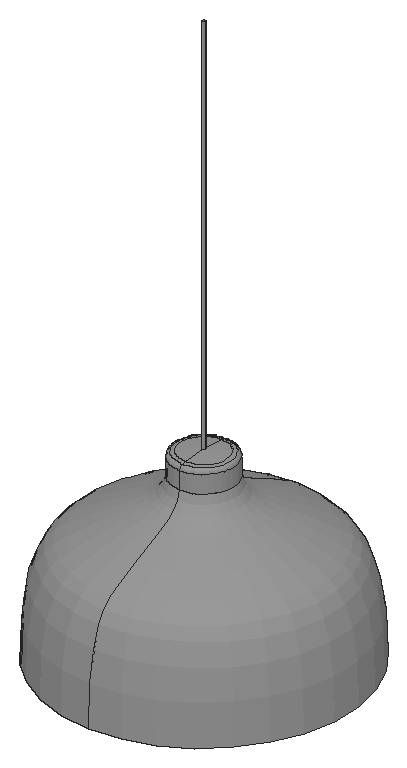
Revit family "Lighting_Pendants_Zero_Lens_Large_Pendant", category Lighting Fixtures, Revit 2018
Family settings
  Round Connector Dimension = Use Diameter
  Part Type = Normal
  OmniClass Number = 23.80.70.00
  OmniClass Title = Lighting
  Work Plane-Based = Yes
  Always vertical = Yes
  Cut with Voids When Loaded = No
  Light Source = Yes
  Shared = No
  Room Calculation Point = No
Parameters (values of type "Lens large E27/max 42W Black")
  Youtube clip = ""
  Weight Net (Kg) = "2.1"
  Wattage = 5.72229 W
  WarrantyStartDate [instance] = "n/a"
  WarrantyGuarantorParts = "n/a"
  WarrantyGuarantorLabor = "n/a"
  WarrantyDurationUnit = "Year"
  WarrantyDurationParts = "n/a"
  WarrantyDurationLabor = "n/a"
  WarrantyDescription = "n/a"
  built-in parameter 1150110 = 1 (stored number, unit not read)
  VersionDate = "20/12/2021"  # constant formula
  Version = "2"  # constant formula
  UsageCurrent = 0 A
  Uniformat II Description = ""
  Uniformat II Code = ""
  Uniclass2015Reference = "Pr_70_70_48_86"
  Uniclass2015Description = "Suspended luminaires"
  Uniclass2 = "Pr_70_70_49_86"
  Uniclass 2015 Name = ""
  Uniclass 2015 Code = ""
  Uniclass 2.0 Description = ""
  Uniclass 2.0 Code = ""
  Uniclass 1.4 Description = ""
  Uniclass 1.4 Code = ""
  URL = "https://www.zerolighting.com/lensstor-inompe/"
  UNSPSC Code = ""
  TotalWattage = 42 W
  built-in parameter 1114217 = 1 (stored number, unit not read)
  Tilt Angle = 90.00°
  built-in parameter 1150109 = 1 (stored number, unit not read)
  built-in parameter 1150134 = (empty or 0)
  Technical description = ""
  TagNumber [instance] = "n/a"
  SustainabilityPerformance = "n/a"
  built-in parameter 1150113 = 1 (stored number, unit not read)
  Size = "450x450x295 mm"
  Shape = "Sculptured"
  SerialNumber [instance] = "n/a"
  Revision = "4"  # constant formula
  ReplacementCost = "n/a"
  Region South America = "None"
  Region Oceania = "AU, NZ"
  Region North America = "BZ, CR, GT, HN, MX, NI, PA, SV, US"
  Region Middle East = "AE"
  Region Europe = "AD, AL, AT, AX, BA, BE, BG, BY, CH, CY, CZ, DE, DK, EE, ES, FI, FO, FR, GB, GG, GI, GR, HR, HU, IE, IM, IS, IT, JE, LI, LT, LU, LV, MC, MD, ME, MK, MT, NL, NO, PL, PT, RO, RS, RU, SE, SI, SJ, SK, SM, UA, VA"
  Region Asia = "HK, JP, SG"
  Region Antarctica = "None"
  Region Africa = "None"
  QR code = "http://bimobject.com/zero/product/Lens_pendant_large"
  ProductInformation = "n/a"
  Product url = "https://www.zerolighting.com/pendants#/lensstor-inompe"
  Product group = "Pendant"
  Product family = "Lens"
  Product certification = ""
  Product SKU = "Lens_pendant_large"
  Product Guid = "62c9a4c1-ddad-49f4-95af-5493e3b7390e"
  Photometric Web File = "Lens8101-3.IES"
  PhaseReference = "n/a"
  PhaseAngle = 0.00°
  OmniClass Description = ""
  OmniClass Code = ""
  NumberOfSources = 0
  NumberOfPoles = 1
  NominalVoltageCalc = 0 V
  NominalVoltage = 230 V
  NominalRadius = 225 mm
  NominalLength = 450 mm
  NominalFrequencyRange = 50 Hz
  NominalDiameter = 450 mm
  NominalCurrent = 0 A
  Nominal width = 450 mm
  Nominal height = 295 mm
  Name = "Zero_Lens_Large_Pendant"  # constant formula
  NBSReference = "90-60-50/405"
  NBSDescription = "General purpose luminaires"
  NBS Reference Description = ""
  NBS Reference Code = ""
  ModelReference = "n/a"
  ModelNumber = "8101-3-06"
  Model = "Lens large E27/max 42W Black"
  Material secondary = "Acrylic"
  Material main = "Aluminium"
  Material = "Aluminum and acrylic"
  Masterformat 2014 Description = ""
  Masterformat 2014 Code = ""
  ManufacturersSpecificInformation = "n/a"
  ManufacturerURL = "https://www.zerolighting.com/"
  ManufacturerName = "Zero"
  Manufacturer name = "ZERO"
  Manufacturer country = "Sweden"
  Manufacturer = "Zero"
  MaintenanceFactor = 0
  Lumens = 850 lm
  built-in parameter 1150115 = 1 (stored number, unit not read)
  built-in parameter 1150105 = 67.641 (stored number, unit not read)
  LightFixturePlacingType = "Ceiling"
  LightFixtureMountingType = "Suspended"
  LightFixtureMainMaterial = Black
  built-in parameter 1150137 = (empty or 0)
  built-in parameter 1150139 = (empty or 0)
  LensMaterial = Glass
  built-in parameter 1150112 = 1 (stored number, unit not read)
  built-in parameter 1150114 = 1 (stored number, unit not read)
  InsulationStandardClass = "n/a"
  InstallationDate [instance] = "n/a"
  Installation instructions = ""
  built-in parameter 1150132 = 2
  built-in parameter 1150102 = (empty or 0)
  built-in parameter 1150138 = (empty or 0)
  built-in parameter 1150107 = 3000 (stored number, unit not read)
  built-in parameter 1150106 = 0.67641 (stored number, unit not read)
  IfcExportType = "NOTDEFINED"  # constant formula
  IfcExportAs = "IfcLightFixtureType"  # constant formula
  IP_Code = "IP20"
  IFC Classification = ""
  HasProtectiveEarth = yes
  Grade = "n/a"
  GTIN code = ""
  Finish = "Painted aluminum, matt acrylic"
  Features = "Terminal block 2x2,25mm2"
  ExpectedLife = "n/a"
  Emit from Circle Diameter = NominalDiameter  # 450 mm
  Emit Shape Visible in Rendering = no
  ElectricalDeviceNominalPower = 0
  built-in parameter 1150104 = 13.8 (stored number, unit not read)
  Edition number = 1
  EANNumber = "n/a"
  DurationUnit = "Year"
  Dimming Lamp Color Temperature Shift = <None>
  Dimming = "None"
  Designer = "Jens Fager"
  Design country = "Sweden"
  DefaultElevation = 0 mm
  Default Elevation [instance] = 1219.2 mm
  Date of publishing = ""
  Constituents = "n/a"
  Color Filter = 16777215
  Color = "Black"
  Collection = "Lens"
  CodePerformance = "n/a"
  Category = "Pendant"
  CableLength [instance] = 600 mm
  COBIe Type Category = ""
  Brand url = "http://www.zero.se"
  Brand = "Zero"
  Barcode [instance] = "n/a"
  built-in parameter 1114218 = 1 (stored number, unit not read)
  BIMobject main category code = "lighting"
  BIMobject main category = "Lighting"
  BIMobject category code = "lighting-pendants"
  BIMobject category = "Pendants"
  BIMObjectName = "Lighting_Pendants_Zero_Lens_Large_Pendant"  # constant formula
  Author = "BIMstone"  # constant formula
  built-in parameter 1150133 = 10 (stored number, unit not read)
  AssetType = "Fixed"
  AssetIdentifier [instance] = "n/a"
  ArticleNumber = "8101-3-06"
  AccessibilityPerformance = "n/a"
Types (6, lengths in mm): name | Wattage | TotalWattage | Photometric Web File | ModelNumber | Model | Lumens | built-in parameter 1150105 | LightFixtureMainMaterial | built-in parameter 1150106 | Dimming | Color | ArticleNumber
  Lens large E27/max 42W White | 6.55034 W | 42 W | "Lens8102-3.IES" | "8102-3-01HFF" | "Lens large LED 973LM White HFF" | 973 lm | 107.42 (stored number, unit not read) | White | 1.0742 (stored number, unit not read) | "Dimmable with DALI, DSI, SwitchDim" | "White" | "8102-3-01HFF"
  Lens large E27/max 42W Black | 5.72229 W | 42 W | "Lens8101-3.IES" | "8101-3-06" | "Lens large E27/max 42W Black" | 850 lm | 67.641 (stored number, unit not read) | Black | 0.67641 (stored number, unit not read) | "None" | "Black" | "8101-3-06"
  Lens large LED973LM White | 6.55034 W | 21 W | "Lens8102-3.IES" | "8102-3-01" | "Lens large LED 973LM White" | 973 lm | 107.42 (stored number, unit not read) | White | 1.0742 (stored number, unit not read) | "None" | "White" | "8102-3-01"
  Lens large LED973LM Black | 6.55034 W | 21 W | "Lens8102-3.IES" | "8102-3-06" | "Lens large LED 973LM Black" | 973 lm | 107.42 (stored number, unit not read) | Black | 1.0742 (stored number, unit not read) | "None" | "Black" | "8102-3-06"
  Lens large LED973LM White HFF | 6.55034 W | 21 W | "Lens8102-3.IES" | "8102-3-01HFF" | "Lens large LED 973LM White HFF" | 973 lm | 107.42 (stored number, unit not read) | White | 1.0742 (stored number, unit not read) | "Dimmable with DALI, DSI, SwitchDim" | "White" | "8102-3-01HFF"
  Lens large LED973LM Black HFF | 6.55034 W | 21 W | "Lens8102-3.IES" | "8102-3-06HFF" | "Lens large LED 973LM Black HFF" | 973 lm | 107.42 (stored number, unit not read) | Black | 1.0742 (stored number, unit not read) | "Dimmable with DALI, DSI, SwitchDim" | "Black" | "8102-3-06HFF"
Reference planes
  plane 1 "Light Source Axis (F/B)": y = 0
  plane 2: z = 0
  plane 3 "Light Source Axis (L/R)": x = 0
  plane 4 "Ceiling": z = 0
  plane 5 "Light Source Elevation": z = -835
  plane 6: y = 225
  plane 7: y = -225
  plane 8: x = -225
  plane 9: x = 225
  plane 10: z = -600
  plane 11: z = -895
  plane 12: z = 0
Forms (mm)
  Extrusion 1, solid, material "Black" <- "LightFixtureMainMaterial", detail levels medium+fine
    sketch origin (0, 0, -835) x (-1, 0, 0) y (0, -1, 0)
      loop
        circle (0, 0) r 2.5
    from 235 to 835
  Extrusion 2, solid, material "Black" <- "LightFixtureMainMaterial", detail levels coarse
    sketch origin (0, 0, 0) x (0, 1, 0) y (0, 0, 1)
      loop
        line (225, 0) -> (-225, 0) -> (-225, -895) -> (225, -895) -> (225, 0)
    from -225 to 225
Lines and regions (mm)
  symbolic lines, detail levels coarse
    curve 1: line (225, 225, 0) -> (-225, 225, 0)
    curve 2: line (225, -225, 0) -> (225, 225, 0)
    curve 3: line (-225, -225, 0) -> (225, -225, 0)
    curve 4: line (-225, 225, 0) -> (-225, -225, 0)
    curve 9: line (225, 0, 0) -> (-225, 0, 0)
    curve 10: line (225, 0, -895) -> (225, 0, 0)
    curve 11: line (-225, 0, -895) -> (225, 0, -895)
    curve 12: line (-225, 0, 0) -> (-225, 0, -895)
    curve 13: line (0, 225, 0) -> (0, -225, 0)
    curve 14: line (0, 225, -895) -> (0, 225, 0)
    curve 15: line (0, -225, -895) -> (0, 225, -895)
    curve 16: line (0, -225, 0) -> (0, -225, -895)
  symbolic lines, detail levels medium+fine
    curve 5: line (2.5, 0, 0) -> (2.5, 0, -600)
    curve 6: line (-2.5, 0, -600) -> (-2.5, 0, 0)
    curve 7: line (0, 2.5, 0) -> (0, 2.5, -600)
    curve 8: line (0, -2.5, -600) -> (0, -2.5, 0)
Dimensions and locks
  equal spacing: plane 6, plane 1 "Light Source Axis (F/B)", plane 7
  plane 6 to plane 7 = 450 mm
  equal spacing: plane 8, plane 3 "Light Source Axis (L/R)", plane 9
  "NominalLength": plane 8 to plane 9
  "CableLength": plane 10 to level
  plane 10 to plane 11 = 295 mm
  plane 5 "Light Source Elevation" to plane 10 = 235 mm
  aligned and locked: plane 3 "Light Source Axis (L/R)" to imposter light
  aligned and locked: plane 1 "Light Source Axis (F/B)" to imposter light
  aligned and locked: plane 5 "Light Source Elevation" to imposter light
  aligned and locked: level to Extrusion 1
  aligned and locked: Extrusion 1 to plane 10
  aligned and locked: level to Extrusion 2 sketch curve
  aligned and locked: plane 6 to Extrusion 2 sketch curve
  aligned and locked: plane 11 to Extrusion 2 sketch curve
  aligned and locked: Extrusion 2 sketch curve to plane 7
  aligned and locked: plane 8 to Extrusion 2
  aligned and locked: Extrusion 2 to plane 9
  aligned and locked: nested 1 to plane 10
  aligned and locked: curve 1 to plane 6
  aligned and locked: curve 2 to plane 9
  aligned and locked: curve 3 to plane 7
  aligned and locked: curve 4 to plane 8
  aligned and locked: curve 5 to Extrusion 1
  aligned and locked: curve 6 to Extrusion 1
  aligned and locked: Extrusion 1 to curve 7
  aligned and locked: Extrusion 1 to curve 8
  aligned and locked: curve 9 to Extrusion 2
  aligned and locked: curve 10 to Extrusion 2
  aligned and locked: curve 11 to Extrusion 2
  aligned and locked: curve 12 to Extrusion 2
  aligned and locked: curve 13 to Extrusion 2
  aligned and locked: curve 14 to Extrusion 2
  aligned and locked: plane 11 to curve 15
  aligned and locked: curve 16 to Extrusion 2
Automatic sketch dimensions
  plane 1 "Light Source Axis (F/B)" to Extrusion 1 sketch curve = 0 mm
  Extrusion 1 sketch curve to plane 3 "Light Source Axis (L/R)" = 0 mm
  curve 6 to plane 10 = 0 mm
  curve 5 to plane 10 = 0 mm
  curve 8 to plane 10 = 0 mm
  plane 1 "Light Source Axis (F/B)" to curve 8 = 2.5 mm
  curve 7 to plane 1 "Light Source Axis (F/B)" = 2.5 mm
Nested families
  nested 1: "lens-large" at (0, 0, -918.406), Material2 <- "LensMaterial", Material1 <- "LightFixtureMainMaterial", type "lens-large"
    with Material2 Glass, Material1 Black
Connectors
  electrical at (0, 0, 0), driven by "NominalVoltage"
    settings: on Extrusion 1, index 1, voltage 230 V, apparent load 0 VA, apparent load phase1 0 VA, apparent load phase2 0 VA, apparent load phase3 0 VA, power factor 1, load classification "Lighting", number of poles 1, system type 31, power factor state 1, is connector primary yes, connector utility no, sub classification motor no, connector description ""
Definition of nested family "lens-large"
  Parameters (values of type "lens-large")
    Material2 [instance] = none
    Material1 [instance] = none
  Reference planes
    plane 1 "Center (Front/Back)": y = 0
    plane 2: z = 0
    plane 3 "Center (Left/Right)": x = 0
  Forms (mm)
    Revolve 1, solid, material <- "Material1", detail levels medium+fine
      sketch origin (0, 0, 0) x (0, 1, 0) y (0, 0, 1)
        loop
          arc (46.405, 307.568) -> (45.005, 311.527) -> (41.428, 313.725) r 6.296
          line (41.428, 313.725) -> (35.511, 314.992) -> (0, 318.003) -> (0, 316.998) -> (35.376, 313.998) -> (41.219, 312.747)
          arc (41.219, 312.747) -> (44.228, 310.898) -> (45.405, 307.568) r 5.296
          line (45.405, 307.568) -> (45.405, 279.785)
          spline (45.405, 279.785) -> (64.455, 250.151) -> (92.413, 234.32) -> (114.829, 223.843) -> (132.967, 215.37) -> (150.307, 206.85) -> (166.997, 197.991) -> (181.966, 188.8) -> (195.012, 176.574) -> (206.468, 157.208) -> (216.129, 126.968) -> (222.601, 83.093) -> (224.305, 23)
          line (224.305, 23) -> (225.292, 23)
          spline (225.292, 23) -> (223.586, 83.184) -> (217.092, 127.191) -> (207.372, 157.609) -> (195.783, 177.19) -> (182.546, 189.605) -> (167.481, 198.849) -> (150.762, 207.726) -> (133.4, 216.258) -> (115.256, 224.734) -> (92.859, 235.208) -> (65.087, 250.917) -> (46.405, 279.95)
          line (46.405, 279.95) -> (46.405, 307.568)
        axis (0, 318.003) -> (0, 23)
      angle from 0 to 360
    Revolve 2, solid, material <- "Material2", detail levels medium+fine
      sketch origin (0, 0, 0) x (0, 1, 0) y (0, 0, 1)
        loop
          line (224.3, 23) -> (0, 23) -> (0, 0)
          arc (0, 0) -> (112.815, 5.014) -> (224.3, 23) r 977.904
        axis (0, 0) -> (0, 23)
      angle from 0 to 360
  Lines and regions (mm)
    symbolic lines, detail levels medium+fine
      curve 1: line (-225.292, 0, 23) -> (-46.405, 0, 279.95)
      curve 2: line (-46.405, 0, 279.95) -> (-46.405, 0, 308.139)
      curve 3: arc (-46.405, 0, 308.139) -> (-45.4, 0, 311.308) -> (-42.753, 0, 313.318) r 5.498
      curve 4: line (-42.753, 0, 313.318) -> (-35.511, 0, 314.992)
      curve 5: line (-35.511, 0, 314.992) -> (0, 0, 318.011)
      curve 6: line (0, 225.292, 23) -> (0, 46.405, 279.95)
      curve 7: line (0, 46.405, 279.95) -> (0, 46.405, 307.876)
      curve 8: arc (0, 46.405, 307.876) -> (0, 45.092, 311.565) -> (0, 41.744, 313.595) r 5.839
      curve 9: line (0, 41.744, 313.595) -> (0, 34.955, 314.992)
      curve 10: line (0, 34.955, 314.992) -> (0, 0, 318.05)
      curve 11: circle (0, 0, 0) r 225 normal (0, 0, 1)
      curve 15: line (225.292, 0, 23) -> (46.405, 0, 279.95)
      curve 16: line (46.405, 0, 279.95) -> (46.405, 0, 308.139)
      curve 17: arc (46.405, 0, 308.139) -> (45.4, 0, 311.308) -> (42.753, 0, 313.318) r 5.498
      curve 18: line (42.753, 0, 313.318) -> (35.511, 0, 314.992)
      curve 19: line (35.511, 0, 314.992) -> (0, 0, 318.011)
      curve 22: arc (-225.292, 0, 23) -> (0, 0, 0) -> (225.292, 0, 23) r 1114.906
      curve 24: arc (0, 225.292, 23) -> (0, 0, 0) -> (0, -225.292, 23) r 1114.906
      curve 25: line (0, -225.292, 23) -> (0, -46.405, 279.95)
      curve 26: line (0, -46.405, 279.95) -> (0, -46.405, 307.876)
      curve 27: arc (0, -46.405, 307.876) -> (0, -45.092, 311.565) -> (0, -41.744, 313.595) r 5.839
      curve 28: line (0, -41.744, 313.595) -> (0, -34.955, 314.992)
      curve 29: line (0, -34.955, 314.992) -> (0, 0, 318.05)
    symbolic lines, detail levels fine
      curve 12: circle (0, 0, 0) r 180 normal (0, 0, 1)
      curve 13: line (5, 0, 318.406) -> (-5, 0, 318.406)
      curve 14: line (0, 0, 23) -> (-225.292, 0, 23)
      curve 20: line (-5, 0, 318.406) -> (5, 0, 318.406)
      curve 21: line (0, 0, 23) -> (225.292, 0, 23)
      curve 23: line (0, 225.292, 23) -> (0, -225.292, 23)
  Dimensions and locks
    aligned and locked: level to plane 2
    aligned and locked: curve 14 to Revolve 1
    aligned and locked: curve 23 to Revolve 1
